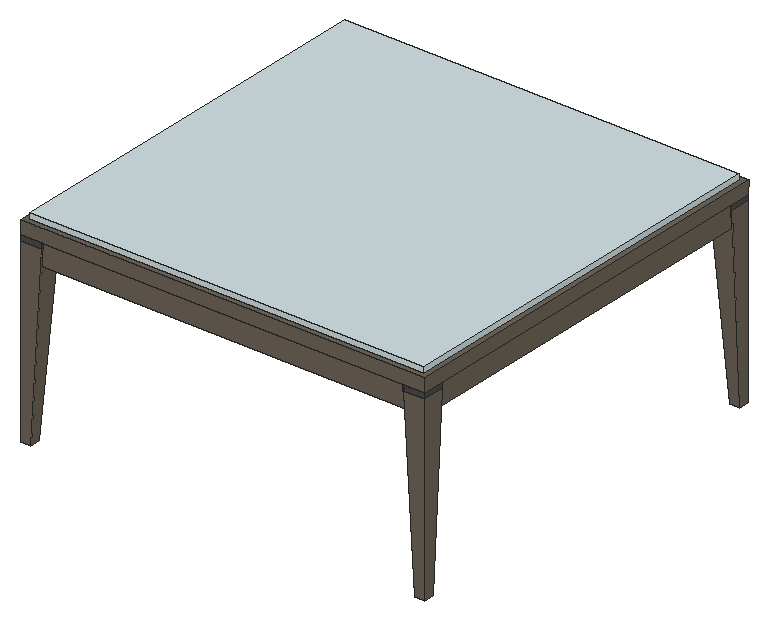
Revit family "FU_Table_Sandler_TOFFEE 1-1", category Furniture, Revit 2022
Family settings
  OmniClass Number = 23.21.23.15.17
  Work Plane-Based = Yes
  Always vertical = No
  Cut with Voids When Loaded = No
  Render Appearance Source = Family Geometry
  Shared = No
  Room Calculation Point = No
Parameters (values of type "TOFFEE 1.1")
  Youtube clip = ""
  Width = 750.000 mm
  Uniformat II Description = "Movable Furnishings"
  Uniformat II Code = ""
  Uniclass 2015 Name = ""
  Uniclass 2015 Code = ""
  Uniclass 2.0 Description = ""
  Uniclass 2.0 Code = ""
  Uniclass 1.4 Description = ""
  Uniclass 1.4 Code = ""
  URL = "https://www.sandlerseating.com/product/toffee-1-1/"
  UNSPSC Code = ""
  Technical description = ""
  Inlay [instance] = Wood - Beech - 9005 Black Matt
  Height = 380.000 mm
  Glass Top [instance] = Glass - Tempered - Light Blue
  Frame [instance] = Wood - Beech - Dark Walnut
  Region South America = "All"
  Region Oceania = "All"
  Region North America = "All"
  Region Middle East = "All"
  Region Europe = "All"
  Region Asia = "All"
  Region Antarctica = "All"
  Region Africa = "All"
  QR code = "https://www.sandlerseating.com/product/toffee-1-1/"
  Product url = "https://www.sandlerseating.com/product/toffee-1-1/"
  Product name = "TOFFEE"
  Product group = "Table"
  Product family = "Furniture"
  Product data url = "https://www.sandlerseating.com/product/toffee-1-1/"
  Product certification = ""
  Product SKU = "??"
  Product Guid = "??"
  OmniClass Description = ""
  OmniClass Code = "23-21 23 15 17"
  NBS Reference Description = ""
  NBS Reference Code = ""
  Model = "TOFFEE 1.1"
  Masterformat 2014 Description = "Table Mats"
  Masterformat 2014 Code = "12 48 43.13"
  Manufacturer name = "Sandler"
  Manufacturer country = "USA"
  Manufacturer = "Sandler"
  Installation instructions = ""
  IFC Classification = "Furnishing Element"
  GTIN code = ""
  Edition number = 1
  Design country = ""
  Description = "Solid beech square coffee table with detailing at the top of legs with tempered glass top. Glass top available in three colours.\r\nPlease note: Light blue tempered glass top has a minimum order quantity of 5 or more pieces."
  Depth = 750.000 mm
  Default Elevation = 0.000 mm
  Date of publishing = ""
  COBIe Type Category = ""
  Brand url = "https://www.sandlerseating.com/"
  BIMobject main category code = "furniture"
  BIMobject main category = "Furniture"
  BIMobject category code = "furniture-table"
  BIMobject category = "Table"
Reference planes
  plane 1 "Center Front/Back": y = 0
  plane 2: z = 0
  plane 3 "Center Left/Right": x = 0
  plane 4 "Right": x = -375
  plane 5 "Left": x = 375
  plane 6 "Back": y = 375
  plane 7 "Front": y = -375
  plane 8 "Height": z = 380
Forms (mm)
  Blend 1, solid, material "Wood - Beech - Dark Walnut" <- "Frame"
    base sketch origin (0, 0, 0) x (1, 0, 0) y (0, 1, 0)
      loop
        line (335.552, -335.63) -> (335.552, -375) -> (375, -375) -> (375, -335.63) -> (335.552, -335.63)
    top sketch origin (0, 0, 0) x (1, 0, 0) y (0, 1, 0)
      loop
        line (375, -375) -> (375, -356.075) -> (356.005, -356.075) -> (356.005, -375) -> (375, -375)
    from 335 to 0
  Extrusion 2, solid, material "Wood - Beech - Dark Walnut" <- "Frame"
    sketch origin (0, 0, 380) x (-1, 0, 0) y (0, -1, 0)
      loop
        line (375, -375) -> (375, 375) -> (-375, 375) -> (-375, -375) -> (375, -375)
    from -10 to -35
  Extrusion 3, solid, material "Glass - Tempered - Light Blue" <- "Glass Top"
    sketch origin (0, 0, 380) x (-1, 0, 0) y (0, -1, 0)
      loop
        line (375, -375) -> (375, 375) -> (-375, 375) -> (-375, -375) -> (375, -375)
    from -10 to 0
  Extrusion 4, solid, material "Wood - Beech - Dark Walnut" <- "Frame"
    sketch origin (0, 0, 380) x (-1, 0, 0) y (0, -1, 0)
      loop
        line (370, -373) -> (370, -375) -> (375, -375) -> (375, -370) -> (373, -370) -> (373, 370) -> (375, 370) -> (375, 375) -> (370, 375) -> (370, 373) -> (-370, 373) -> (-370, 375) -> (-375, 375) -> (-375, 370) -> (-373, 370) -> (-373, -370) -> (-375, -370) -> (-375, -375) -> (-370, -375) -> (-370, -373) -> (370, -373)
      loop
        line (353, -353) -> (353, 353) -> (-353, 353) -> (-353, -353) -> (353, -353)
    from -35 to -75
  Extrusion 5, void
    sketch origin (0, 0, 380) x (-1, 0, 0) y (0, -1, 0)
      loop
        line (365, -365) -> (365, 365) -> (-365, 365) -> (-365, -365) -> (365, -365)
      loop
        line (375, -375) -> (375, 375) -> (-375, 375) -> (-375, -375) -> (375, -375)
    from 0 to -10
  Blend 6, void
    base sketch origin (0, 0, 0) x (1, 0, 0) y (0, 1, 0)
      loop
        line (338, -338) -> (338, -380) -> (380, -380) -> (380, -338) -> (338, -338)
    top sketch origin (0, 0, 0) x (1, 0, 0) y (0, 1, 0)
      loop
        line (380, -380) -> (380, -335) -> (335, -335) -> (335, -380) -> (380, -380)
    from 300 to 345
  Blend 7, solid, material "Wood - Beech - Dark Walnut" <- "Frame"
    base sketch origin (0, 0, 0) x (1, 0, 0) y (0, 1, 0)
      loop
        line (335.552, 335.63) -> (375, 335.63) -> (375, 375) -> (335.552, 375) -> (335.552, 335.63)
    top sketch origin (0, 0, 0) x (1, 0, 0) y (0, 1, 0)
      loop
        line (375, 375) -> (356.005, 375) -> (356.005, 356.075) -> (375, 356.075) -> (375, 375)
    from 335 to 0
  Blend 8, void
    base sketch origin (0, 0, 0) x (1, 0, 0) y (0, 1, 0)
      loop
        line (338, 338) -> (380, 338) -> (380, 380) -> (338, 380) -> (338, 338)
    top sketch origin (0, 0, 0) x (1, 0, 0) y (0, 1, 0)
      loop
        line (380, 380) -> (335, 380) -> (335, 335) -> (380, 335) -> (380, 380)
    from 300 to 345
  Blend 9, solid, material "Wood - Beech - Dark Walnut" <- "Frame"
    base sketch origin (0, 0, 0) x (-1, 0, 0) y (0, -1, 0)
      loop
        line (335.552, 335.63) -> (375, 335.63) -> (375, 375) -> (335.552, 375) -> (335.552, 335.63)
    top sketch origin (0, 0, 0) x (-1, 0, 0) y (0, -1, 0)
      loop
        line (375, 375) -> (356.005, 375) -> (356.005, 356.075) -> (375, 356.075) -> (375, 375)
    from 335 to 0
  Blend 10, void
    base sketch origin (0, 0, 0) x (-1, 0, 0) y (0, -1, 0)
      loop
        line (338, 338) -> (380, 338) -> (380, 380) -> (338, 380) -> (338, 338)
    top sketch origin (0, 0, 0) x (-1, 0, 0) y (0, -1, 0)
      loop
        line (380, 380) -> (335, 380) -> (335, 335) -> (380, 335) -> (380, 380)
    from 300 to 345
  Blend 11, solid, material "Wood - Beech - Dark Walnut" <- "Frame"
    base sketch origin (0, 0, 0) x (-1, 0, 0) y (0, -1, 0)
      loop
        line (335.552, -335.63) -> (335.552, -375) -> (375, -375) -> (375, -335.63) -> (335.552, -335.63)
    top sketch origin (0, 0, 0) x (-1, 0, 0) y (0, -1, 0)
      loop
        line (375, -375) -> (375, -356.075) -> (356.005, -356.075) -> (356.005, -375) -> (375, -375)
    from 335 to 0
  Blend 12, void
    base sketch origin (0, 0, 0) x (-1, 0, 0) y (0, -1, 0)
      loop
        line (338, -338) -> (338, -380) -> (380, -380) -> (380, -338) -> (338, -338)
    top sketch origin (0, 0, 0) x (-1, 0, 0) y (0, -1, 0)
      loop
        line (380, -380) -> (380, -335) -> (335, -335) -> (335, -380) -> (380, -380)
    from 300 to 345
  Extrusion 13, solid, material "Wood - Beech - 9005 Black Matt" <- "Inlay"
    sketch origin (0, 0, 380) x (-1, 0, 0) y (0, -1, 0)
      loop
        line (375, -375) -> (375, -335) -> (335, -335) -> (335, -375) -> (375, -375)
      loop
        line (-375, -375) -> (-335, -375) -> (-335, -335) -> (-375, -335) -> (-375, -375)
      loop
        line (375, 375) -> (335, 375) -> (335, 335) -> (375, 335) -> (375, 375)
      loop
        line (-375, 375) -> (-375, 335) -> (-335, 335) -> (-335, 375) -> (-375, 375)
    from -35 to -45
Cuts and joins
  Extrusion 5 cuts Extrusion 3
  Blend 6, Blend 8, Blend 10, Blend 12 cuts Extrusion 4
Dimensions and locks
  equal spacing: plane 4 "Right", plane 3 "Center Left/Right", plane 5 "Left"
  "Width": plane 4 "Right" to plane 5 "Left"
  equal spacing: plane 6 "Back", plane 1 "Center Front/Back", plane 7 "Front"
  "Depth": plane 6 "Back" to plane 7 "Front"
  "Height": plane 8 "Height" to level
  aligned and locked: level to plane 2
  aligned and locked: plane 4 "Right" to Extrusion 2
  aligned and locked: plane 6 "Back" to Extrusion 2
  aligned and locked: Extrusion 2 to plane 5 "Left"
  aligned and locked: Extrusion 2 to plane 7 "Front"
Automatic sketch dimensions
  Blend 1 sketch curve to plane 7 "Front" = 0.000 mm  (x2)
  Blend 1 sketch curve to plane 5 "Left" = 0.000 mm  (x2)
  Blend 1 sketch curve to Blend 1 sketch curve = 39.448 mm
  plane 7 "Front" to Blend 1 sketch curve = 39.370 mm
  Blend 1 sketch curve to Blend 1 sketch curve = 18.995 mm
  plane 7 "Front" to Blend 1 sketch curve = 18.925 mm
  Extrusion 2 sketch curve to plane 5 "Left" = 0.000 mm
  Extrusion 2 sketch curve to plane 4 "Right" = 0.000 mm
  Extrusion 2 sketch curve to plane 6 "Back" = 0.000 mm
  Extrusion 2 sketch curve to plane 7 "Front" = 0.000 mm
  Extrusion 3 sketch curve to plane 5 "Left" = 0.000 mm
  Extrusion 3 sketch curve to plane 4 "Right" = 0.000 mm
  Extrusion 3 sketch curve to plane 6 "Back" = 0.000 mm
  Extrusion 3 sketch curve to plane 7 "Front" = 0.000 mm
  Extrusion 4 sketch curve to plane 5 "Left" = 0.000 mm  (x2)
  Extrusion 4 sketch curve to plane 6 "Back" = 0.000 mm  (x2)
  Extrusion 4 sketch curve to plane 7 "Front" = 0.000 mm  (x2)
  Extrusion 4 sketch curve to plane 4 "Right" = 0.000 mm  (x2)
  Extrusion 4 sketch curve to Extrusion 4 sketch curve = 2.000 mm  (x3)
  Extrusion 4 sketch curve to Extrusion 4 sketch curve = 5.000 mm  (x3)
  plane 5 "Left" to Extrusion 4 sketch curve = 22.000 mm
  Extrusion 4 sketch curve to plane 4 "Right" = 22.000 mm
  Extrusion 4 sketch curve to plane 6 "Back" = 2.000 mm
  Extrusion 4 sketch curve to plane 4 "Right" = 5.000 mm
  Extrusion 4 sketch curve to Extrusion 4 sketch curve = 3.000 mm
  Extrusion 4 sketch curve to plane 6 "Back" = 5.000 mm
  Extrusion 4 sketch curve to plane 6 "Back" = 22.000 mm
  plane 7 "Front" to Extrusion 4 sketch curve = 22.000 mm
  plane 7 "Front" to Extrusion 4 sketch curve = 5.000 mm  (x2)
  Extrusion 5 sketch curve to plane 5 "Left" = 0.000 mm
  Extrusion 5 sketch curve to plane 4 "Right" = 0.000 mm
  Extrusion 5 sketch curve to plane 6 "Back" = 0.000 mm
  Extrusion 5 sketch curve to plane 7 "Front" = 0.000 mm
  plane 5 "Left" to Extrusion 5 sketch curve = 10.000 mm
  Extrusion 5 sketch curve to plane 4 "Right" = 10.000 mm
  Extrusion 5 sketch curve to plane 6 "Back" = 10.000 mm
  plane 7 "Front" to Extrusion 5 sketch curve = 10.000 mm
  Blend 6 sketch curve to plane 7 "Front" = 5.000 mm  (x2)
  plane 5 "Left" to Blend 6 sketch curve = 37.000 mm
  Blend 6 sketch curve to plane 5 "Left" = 5.000 mm  (x2)
  plane 7 "Front" to Blend 6 sketch curve = 37.000 mm
  plane 5 "Left" to Blend 6 sketch curve = 40.000 mm
  plane 7 "Front" to Blend 6 sketch curve = 40.000 mm
  Blend 7 sketch curve to plane 6 "Back" = 0.000 mm  (x2)
  Blend 7 sketch curve to plane 5 "Left" = 0.000 mm  (x2)
  Blend 7 sketch curve to Blend 7 sketch curve = 39.448 mm
  Blend 7 sketch curve to plane 6 "Back" = 39.370 mm
  Blend 7 sketch curve to Blend 7 sketch curve = 18.995 mm
  Blend 7 sketch curve to plane 6 "Back" = 18.925 mm
  plane 6 "Back" to Blend 8 sketch curve = 5.000 mm  (x2)
  plane 5 "Left" to Blend 8 sketch curve = 37.000 mm
  Blend 8 sketch curve to plane 5 "Left" = 5.000 mm  (x2)
  Blend 8 sketch curve to plane 6 "Back" = 37.000 mm
  plane 5 "Left" to Blend 8 sketch curve = 40.000 mm
  Blend 8 sketch curve to plane 6 "Back" = 40.000 mm
  Blend 9 sketch curve to plane 7 "Front" = 0.000 mm  (x2)
  Blend 9 sketch curve to plane 4 "Right" = 0.000 mm  (x2)
  Blend 9 sketch curve to Blend 9 sketch curve = 39.448 mm
  plane 7 "Front" to Blend 9 sketch curve = 39.370 mm
  Blend 9 sketch curve to Blend 9 sketch curve = 18.995 mm
  plane 7 "Front" to Blend 9 sketch curve = 18.925 mm
  Blend 10 sketch curve to plane 7 "Front" = 5.000 mm  (x2)
  Blend 10 sketch curve to plane 4 "Right" = 37.000 mm
  plane 4 "Right" to Blend 10 sketch curve = 5.000 mm  (x2)
  plane 7 "Front" to Blend 10 sketch curve = 37.000 mm
  Blend 10 sketch curve to plane 4 "Right" = 40.000 mm
  plane 7 "Front" to Blend 10 sketch curve = 40.000 mm
  Blend 11 sketch curve to plane 6 "Back" = 0.000 mm  (x2)
  Blend 11 sketch curve to plane 4 "Right" = 0.000 mm  (x2)
  Blend 11 sketch curve to Blend 11 sketch curve = 39.448 mm
  Blend 11 sketch curve to Blend 11 sketch curve = 39.370 mm
  Blend 11 sketch curve to Blend 11 sketch curve = 18.995 mm
  Blend 11 sketch curve to Blend 11 sketch curve = 18.925 mm
  plane 6 "Back" to Blend 12 sketch curve = 5.000 mm  (x2)
  Blend 12 sketch curve to plane 4 "Right" = 37.000 mm
  plane 4 "Right" to Blend 12 sketch curve = 5.000 mm  (x2)
  Blend 12 sketch curve to plane 6 "Back" = 37.000 mm
  Blend 12 sketch curve to plane 4 "Right" = 40.000 mm
  Blend 12 sketch curve to plane 6 "Back" = 40.000 mm
  Extrusion 13 sketch curve to plane 5 "Left" = 0.000 mm  (x2)
  Extrusion 13 sketch curve to plane 6 "Back" = 0.000 mm  (x2)
  Extrusion 13 sketch curve to plane 7 "Front" = 0.000 mm  (x2)
  Extrusion 13 sketch curve to plane 4 "Right" = 0.000 mm  (x2)
  Extrusion 13 sketch curve to Extrusion 13 sketch curve = 40.000 mm  (x5)
  Extrusion 13 sketch curve to plane 6 "Back" = 40.000 mm
  plane 7 "Front" to Extrusion 13 sketch curve = 40.000 mm  (x2)
